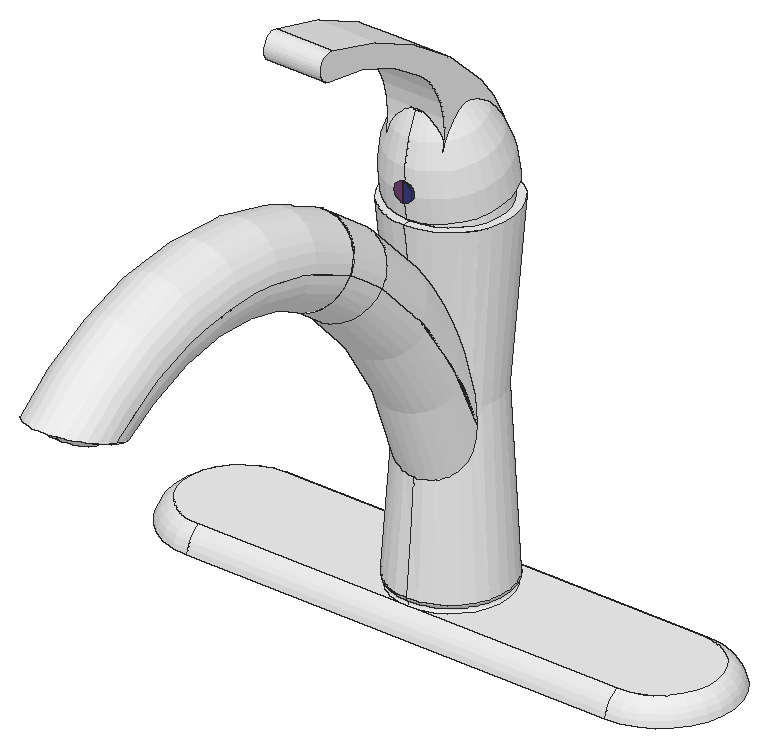
Revit family "Faucet_Single_Control-American_Standard-Quince- 4433100.002", category Plumbing Fixtures, Revit 2019
Family settings
  Round Connector Dimension = Use Diameter
  Part Type = Normal
  OmniClass Number = 23.45.55.14
  OmniClass Title = Single Faucets
  Work Plane-Based = Yes
  Always vertical = No
  Cut with Voids When Loaded = No
  Shared = Yes
  Room Calculation Point = No
Parameters (values of type "4433100.002")
  Width = 2 1/2"
  Waste Connection = no
  WFU = 2  # constant formula
  Vent Connection = no
  URL = "http://www.americanstandard-us.com"
  Tempered Water Connection Diameter = 3/8"
  Tempered Water Connection = yes
  Revised Date = "09/22/2022"  # constant formula
  Product Page URL = "https://www.americanstandard-us.com/Single-Hole-Pull-Out-Kitchen-Faucets/Quince-Single-Handle-Pull-Out-Dual-Spray-Kitchen-Faucet-22-gpm-83-L-min/CHROME-4433100002"
  Product Documentation Link = "https://americanstandard.box.com/shared/static/rpyer0ptxi91xrundbutbxywncy9gd0h.pdf"
  Model = "4433100.002"
  Material = "Metal-American Standard-002-Polished Chrome"
  Manufacturer = "American Standard"
  M970705-0070A Snap-On Counterweight = no
  Length = 10 1/16"
  Installation Type = "Deck Mounted"
  Height = 10 9/16"
  HWFU = 1.5  # constant formula
  HW Connection = no
  Flow Rate = "2.2 gpm (8.3 L/min)"
  Finish = Metal-American Standard-002-Polished Chrome
  Faucet Height Position = if(Escutcheon Plate, 3/8", 0")  # 3/8"
  Escutcheon Plate = yes
  Description = "Quince® Single-Handle Pull-Out Dual-Spray Kitchen Faucet 2.2 gpm/8.3 L/min"
  Default Elevation = 0"
  Creation Date = "25/02/2014"  # constant formula
  CWFU = 1.5  # constant formula
  CW Connection = no
  Assembly Code = "D2020300"
  ADA Compliant = yes
  A951470-0070A Single Control Faucet Replacement Valve Cartridge (Blister Pack 100) = no
Reference planes (in)
  plane 1 "Center (Front/Back)": y = 0
  plane 2: z = 0
  plane 3 "Center (Left/Right)": x = 0
  plane 4: x = -5.03125
  plane 5: x = 5.03125
  plane 6: z = 10.5625
  plane 7: y = 1.25
  plane 8: y = -1.25
  plane 9: y = -3.5625
  plane 10: y = -8.625
  plane 11: z = 8.4375
  plane 12: z = 6.4375
  plane 13: z = 0.375
Forms (in)
  Sweep 1, solid, material "Metal-American Standard-002-Polished Chrome" <- "Finish", visible <- "Escutcheon Plate"
    path origin (0, 0, 0) x (1, 0, 0) y (0, 1, 0)
      loop
        arc (-3.779, 1.25) -> (-5.029, 0) -> (-3.779, -1.25) r 1.25
        line (-3.779, -1.25) -> (3.77924, -1.25)
        arc (3.77924, -1.25) -> (5.02924, 0) -> (3.77924, 1.25) r 1.25
        line (3.77924, 1.25) -> (-3.779, 1.25)
    profile origin (0.00012, 1.25, 0) x (0, 1, 0) y (0, 0, 1)
      loop
        line (-0.8695, 0) -> (0, 0)
        arc (0, 0) -> (-0.09286, 0.22392) -> (-0.28243, 0.375) r 0.48533
        line (-0.28243, 0.375) -> (-0.8695, 0.375) -> (-0.8695, 0)
  Extrusion 2, solid, material "Metal-American Standard-002-Polished Chrome" <- "Finish", visible <- "Escutcheon Plate"
    sketch origin (0, 0, 0) x (1, 0, 0) y (0, 1, 0)
      loop
        arc (-3.779, 0.3805) -> (-4.1595, 0) -> (-3.779, -0.3805) r 0.3805
        line (-3.779, -0.3805) -> (3.77924, -0.3805)
        arc (3.77924, -0.3805) -> (4.15974, 0) -> (3.77924, 0.3805) r 0.3805
        line (3.77924, 0.3805) -> (-3.779, 0.3805)
    from 0 to 0.375
Cuts and joins
  joined: Sweep 1, Extrusion 2
Lines and regions (in)
  Masking region 1, visible <- "Escutcheon Plate"
    outline origin (0, 0, 0) x (1, 0, 0) y (0, 1, 0)
      loop
        arc (-3.779, 1.25) -> (-5.029, 0) -> (-3.779, -1.25) r 1.25
        line (-3.779, -1.25) -> (3.77924, -1.25)
        arc (3.77924, -1.25) -> (5.02924, 0) -> (3.77924, 1.25) r 1.25
        line (3.77924, 1.25) -> (-3.779, 1.25)
  symbolic lines, visible <- "Escutcheon Plate", detail levels fine
    curve 1: line (3.77924, 0.96757, 0) -> (-3.779, 0.96757, 0)
    curve 2: arc (-3.779, 0.96757, 0) -> (-4.74657, 0, 0) -> (-3.779, -0.96757, 0) r 0.96757
    curve 3: line (-3.779, -0.96757, 0) -> (3.77924, -0.96757, 0)
    curve 4: arc (3.77924, -0.96757, 0) -> (4.74681, 0, 0) -> (3.77924, 0.96757, 0) r 0.96757
Dimensions and locks (in)
  plane 5 to plane 4 = 10 1/16"
  plane 6 to level = 10 9/16"
  plane 12 to level = 6 7/16"
  plane 11 to level = 8 7/16"
  plane 7 to plane 9 = 4 13/16"
  plane 1 "Center (Front/Back)" to plane 10 = 8 5/8"
  plane 7 to plane 8 = 2 1/2"
  "Faucet Height Position": plane 13 to level
  aligned and locked: Extrusion 2 sketch curve to Sweep 1  (x3)
  aligned and locked: Extrusion 2 to level
  aligned and locked: plane 3 "Center (Left/Right)" to nested 1
  aligned and locked: plane 13 to nested 1
  aligned and locked: Masking region 1 sketch curve to cut or joined group of Sweep 1, Extrusion 2
  aligned and locked: plane 1 "Center (Front/Back)" to nested 1
Automatic sketch dimensions
  plane 7 to Sweep 1 sketch curve = 0"
  Sweep 1 sketch curve to plane 8 = 0"
  plane 4 to Sweep 1 sketch curve = 1.25225"
  plane 5 to Sweep 1 sketch curve = 1.25201"
  plane 5 to Extrusion 2 sketch curve = 1.25201"
  plane 5 to Masking region 1 sketch curve = 1.25201"
  Sweep 1 sketch curve to level = 0"
  Sweep 1 sketch curve to profile plane = 0"
  Sweep 1 sketch curve to level = 0.06806"
  Sweep 1 sketch curve to Sweep 1 sketch curve = 0.38896"
  level to Sweep 1 sketch curve = 3/8"
  profile plane to Sweep 1 sketch curve = 0.28243"
  plane 1 "Center (Front/Back)" to curve 2 = 0"
  plane 7 to curve 1 = 0.28243"
  plane 4 to curve 1 = 1.25225"
  plane 5 to curve 1 = 1.25201"
Nested families (in)
  nested 1: "4433100.002" at (0, 0, 0), Finish <- "Finish", type "4433100.002"
Connectors (in)
  piping at (0, 0, 0.375), diameter 0.375, driven by "Tempered Water Connection Diameter"
    settings: on nested 1, index 1, connector inside diameter 24", connector length 0", flow factor 0, pipe flow 0 GPM, pressure drop 0.00 psi, fitting loss kfactor 0, connector angle 0.00°, fixture units 0, engagement length 0", angle of deflection 0.00°, flow configuration 0, flow direction 1, fitting loss method 0, system type 29, joint type 0, gender type 0, connector reference index -1, connector utility 0, adjustable connector no, is connector primary yes, connector description "3/8\" OD Tempered Water Inlet Connection"
Definition of nested family "4433100.002"
  Parameters (values of type "4433100.002")
    Width = 2 1/2"
    Waste Connection = no
    WFU = 2  # constant formula
    Vent Connection = no
    URL = "http://www.americanstandard-us.com"
    Tempered Water Connection Diameter = 3/8"
    Tempered Water Connection = yes
    Revised Date = "09/22/2022"  # constant formula
    Product Page URL = "https://www.americanstandard-us.com/Single-Hole-Pull-Out-Kitchen-Faucets/Quince-Single-Handle-Pull-Out-Dual-Spray-Kitchen-Faucet-22-gpm-83-L-min/CHROME-4433100002"
    Product Documentation Link = "https://americanstandard.box.com/shared/static/rpyer0ptxi91xrundbutbxywncy9gd0h.pdf"
    Model = "4433100.002"
    Material = "Metal-American Standard-002-Polished Chrome"
    Manufacturer = "American Standard"
    M970705-0070A Snap-On Counterweight = no
    Length = 10 1/16"
    Installation Type = "Deck Mounted"
    Height = 10 9/16"
    HWFU = 1.5  # constant formula
    HW Connection = no
    Flow Rate = "2.2 gpm (8.3 L/min)"
    Finish [instance] = none
    Description = "Quince® Single-Handle Pull-Out Dual-Spray Kitchen Faucet 2.2 gpm/8.3 L/min"
    Default Elevation = 0"
    Creation Date = "25/02/2014"  # constant formula
    CWFU = 1.5  # constant formula
    CW Connection = no
    Assembly Code = "D2020300"
    ADA Compliant = yes
    A951470-0070A Single Control Faucet Replacement Valve Cartridge (Blister Pack 100) = no
  Reference planes (in)
    plane 1 "Center (Front/Back)": y = 0
    plane 2: z = 0
    plane 3 "Center (Left/Right)": x = 0
    plane 4: x = -5.03125
    plane 5: x = 5.03125
    plane 6: z = 10.5625
    plane 7: y = 1.25
    plane 8: y = -1.25
    plane 9: y = -3.5625
    plane 10: y = -8.625
    plane 11: z = 8.4375
    plane 12: z = 6.4375
    plane 13: z = 0
    plane 14: z = 0.375
  Forms (in)
    Revolve 1, solid
      sketch origin (0, 0, 0) x (0, 1, 0) y (0, 0, 1)
        loop
          line (0, 0.375) -> (0.96757, 0.375)
          arc (0.96757, 0.375) -> (0.94326, 0.41317) -> (0.93735, 0.45803) r 0.10458
          arc (0.93735, 0.45803) -> (0.98183, 0.47809) -> (0.99625, 0.5247) r 0.05935
          arc (0.99625, 0.5247) -> (0.82802, 3.56412) -> (1.07434, 6.59822) r 22.3515
          line (1.07434, 6.59822) -> (0.92021, 6.59822)
          arc (0.92021, 6.59822) -> (0.65069, 7.24891) -> (0, 7.51843) r 0.92021
          line (0, 7.51843) -> (0, 0.375)
        axis (0, 7.51843) -> (0, 0.375)
      angle from 0 to 360
    Sweep 2, solid
      path origin (0, 0.01562, -0.03662) x (0, 1, 0) y (0, 0, 1)
        loop
          arc (0.08089, 1.5179) -> (-0.75644, 4.24006) -> (-2.5137, 6.48133) r 7.8141
          arc (-2.5137, 6.48133) -> (-2.85567, 6.75697) -> (-3.22063, 7.00135) r 4.97158
          arc (-3.22063, 7.00135) -> (-6.39576, 7.59424) -> (-9.16968, 5.93944) r 4.56941
      profile origin (0, -0.74082, 4.20343) x (0, -0.88622, -0.463264) y (1, 0, 0)
        loop
          circle (0, 0) r 0.75
    Revolve 3, solid
      sketch origin (0.01287, 0.07013, -0.02372) x (0, 1, 0) y (0, 0, 1)
        loop
          line (-8.97861, 6.58201) -> (-8.61587, 6.45909) -> (-8.5643, 6.61128) -> (-9.29859, 6.86011)
          arc (-9.29859, 6.86011) -> (-9.11123, 6.75256) -> (-8.97861, 6.58201) r 0.55924
        axis (-8.5643, 6.61128) -> (-8.61587, 6.45909)
      angle from 0 to 360
    Revolve 4, solid
      sketch origin (0, 0, 0) x (0, 1, 0) y (0, 0, 1)
        loop
          arc (0.97956, 7.04298) -> (0.70917, 7.86014) -> (0.15947, 8.52246) r 2.31979
          arc (0.15947, 8.52246) -> (-0.08456, 8.65086) -> (-0.35962, 8.67019) r 0.6705
          line (-0.35962, 8.67019) -> (-0.00608, 6.85139) -> (0.97956, 7.04298)
        axis (-0.35962, 8.67019) -> (-0.00608, 6.85139)
      angle from 0 to 360
    Extrusion 5, solid
      sketch origin (0, -0.23438, 0.12164) x (0, 1, 0) y (0, 0, 1)
        loop
          arc (0.30153, 8.49645) -> (-1.21436, 9.736) -> (-3.04318, 10.43589) r 6.14667
          arc (-3.04318, 10.43589) -> (-3.32571, 10.23644) -> (-3.10708, 9.96848) r 0.23645
          arc (-3.10708, 9.96848) -> (-2.03575, 9.7294) -> (-1.08656, 9.17809) r 3.59368
          arc (-1.08656, 9.17809) -> (-0.60882, 8.5036) -> (-0.55406, 7.67887) r 1.52197
          line (-0.55406, 7.67887) -> (0.81914, 7.67887)
          arc (0.81914, 7.67887) -> (0.59331, 8.10854) -> (0.30153, 8.49645) r 3.01832
      from -0.53107 to 0.49274
    Revolve 6, void
      sketch origin (0, -0.02344, 0.01562) x (0, 1, 0) y (0, 0, 1)
        loop
          line (-2.75945, 7.68024) -> (-2.78615, 7.69565) -> (-2.84358, 7.59617) -> (-2.81688, 7.58076) -> (-2.75945, 7.68024)
        axis (-3.19624, 6.98535) -> (-3.16214, 6.96566)
      angle from 0 to 360
    Extrusion 7, void
      sketch origin (0, 0, 0) x (0, 1, 0) y (0, 0, 1)
        loop
          line (-9.43177, 6.90528) -> (-9.88324, 6.90528) -> (-9.88324, 5.30429) -> (-7.53765, 5.30429) -> (-7.53765, 6.26341) -> (-9.43177, 6.90528)
      from -0.86843 to 1.04604
    Extrusion 8, solid
      sketch origin (0, 0, 0) x (1, 0, 0) y (0, 0, 1)
        loop
          arc (0, 7.29795) -> (-0.16632, 7.13163) -> (0, 6.96531) r 0.16632
          line (0, 6.96531) -> (0, 7.29795)
      from 0 to 1.07929
    Extrusion 9, solid
      sketch origin (0, 0, 0) x (-1, 0, 0) y (0, 0, -1)
        loop
          line (0, -7.29795) -> (0, -6.96531)
          arc (0, -6.96531) -> (-0.16632, -7.13163) -> (0, -7.29795) r 0.16632
      from 0 to 1.07929
  Cuts and joins
    Extrusion 7 cuts Revolve 1
    Revolve 6, Extrusion 7 cuts Sweep 2
    Extrusion 7 cuts Revolve 4
    joined: Revolve 1, Sweep 2, Revolve 4
  Lines and regions (in)
    Masking region 1
      outline origin (0, 0, 0) x (1, 0, 0) y (0, 1, 0)
        loop
          arc (0.74999, -0.81113) -> (0, 1.10472) -> (-0.74999, -0.81113) r 1.10472
          line (-0.74999, -0.81113) -> (-0.74999, -8.31865)
          arc (-0.74999, -8.31865) -> (-0.00314, -9.32341) -> (0.74999, -8.32335) r 0.78177
          line (0.74999, -8.32335) -> (0.74999, -0.81113)
    symbolic lines, detail levels medium+fine
      curve 1: line (0.49274, 0.58476, 0) -> (0.49274, -3.56226, 0)
      curve 2: line (-0.53107, 0.58476, 0) -> (-0.53107, -3.56226, 0)
      curve 3: line (-0.53107, -3.56226, 0) -> (0.49274, -3.56226, 0)
      curve 11: line (-0.53107, 0.58476, 0) -> (0.49274, 0.58476, 0)
    symbolic lines, detail levels fine
      curve 4: spline (0.49274, -2.92223, 0) -> (0.53325, -2.94125, 0) -> (0.57082, -2.96171, 0) -> (0.60527, -2.98351, 0) -> (0.63639, -3.00652, 0) -> (0.66402, -3.03062, 0) -> (0.68801, -3.05568, 0) -> (0.70822, -3.08155, 0) -> (0.72455, -3.10811, 0) -> (0.7369, -3.13519, 0) -> (0.74521, -3.16266, 0) -> (0.74942, -3.19036, 0) -> (0.74953, -3.21814, 0)
      curve 5: spline (0.74953, -3.21814, 0) -> (0.74598, -3.19262, 0) -> (0.73896, -3.16729, 0) -> (0.7285, -3.14225, 0) -> (0.71466, -3.11762, 0) -> (0.69749, -3.09353, 0) -> (0.67707, -3.07008, 0) -> (0.6535, -3.04737, 0) -> (0.6269, -3.02553, 0) -> (0.59737, -3.00464, 0) -> (0.56507, -2.9848, 0) -> (0.53014, -2.96612, 0) -> (0.49274, -2.94866, 0)
      curve 6: spline (-0.74953, -3.21814, 0) -> (-0.74958, -3.19255, 0) -> (-0.74614, -3.16701, 0) -> (-0.73923, -3.14165, 0) -> (-0.72887, -3.11658, 0) -> (-0.71512, -3.09193, 0) -> (-0.69803, -3.0678, 0) -> (-0.6777, -3.04431, 0) -> (-0.6542, -3.02157, 0) -> (-0.62766, -2.99969, 0) -> (-0.5982, -2.97876, 0) -> (-0.56595, -2.95888, 0) -> (-0.53107, -2.94015, 0)
      curve 7: spline (-0.53107, -2.96658, 0) -> (-0.56305, -2.98365, 0) -> (-0.59285, -3.00169, 0) -> (-0.62034, -3.02062, 0) -> (-0.64541, -3.04037, 0) -> (-0.66797, -3.06086, 0) -> (-0.68794, -3.08202, 0) -> (-0.70522, -3.10375, 0) -> (-0.71977, -3.12599, 0) -> (-0.73151, -3.14863, 0) -> (-0.7404, -3.1716, 0) -> (-0.74642, -3.1948, 0) -> (-0.74953, -3.21814, 0)
      curve 8: spline (-1.00406, 0, 0) -> (-0.97079, 0.24562, 0) -> (-0.87617, 0.47534, 0) -> (-0.72617, 0.67463, 0) -> (-0.53027, 0.8309, 0) -> (-0.30087, 0.93427, 0) -> (-0.05245, 0.97821, 0) -> (0.19929, 0.95995, 0) -> (0.43843, 0.88063, 0) -> (0.64986, 0.74528, 0) -> (0.82022, 0.56243, 0) -> (0.93875, 0.34366, 0) -> (0.99794, 0.10279, 0)
      curve 9: arc (-1.00406, 0, 0) -> (-0.88353, -0.51505, 0) -> (-0.53107, -0.90948, 0) r 1.07036
      curve 10: arc (0.99794, 0.10279, 0) -> (0.9072, -0.49406, 0) -> (0.49274, -0.93302, 0) r 1.01194
  Dimensions and locks (in)
    plane 5 to plane 4 = 10 1/16"
    plane 6 to level = 10 9/16"
    plane 12 to level = 6 7/16"
    plane 11 to level = 8 7/16"
    plane 7 to plane 9 = 4 13/16"
    plane 1 "Center (Front/Back)" to plane 10 = 8 5/8"
    plane 7 to plane 8 = 2 1/2"
    plane 14 to level = 3/8"
